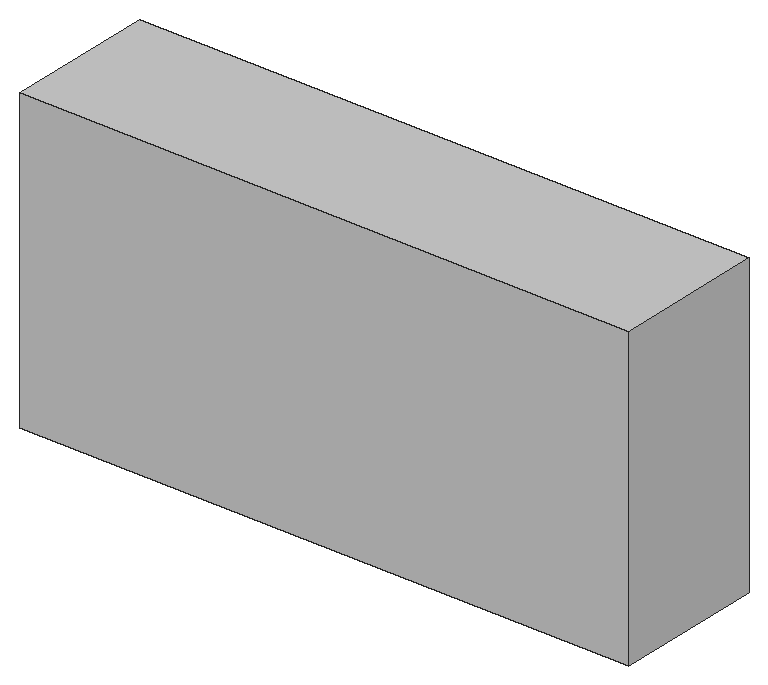
Revit family "2cf0e096dba84837a1cdf62173ec392b", category 结构框架, Revit 2024
Family settings
  显示在隐藏视图中 = 被其他构件隐藏的边缘
  结构框架长度舍入 = 1 mm
  截面形状 = 未定义
  用于模型行为的材质 = 混凝土
  始终导出为几何图形 = 否
  总是垂直 = 是
  载入时剪切的空心 = 否
  符号表示法 = 从族
  共享 = 否
  在平面视图中显示族的预剪切 = 是
Parameters (values of type "300 x 600mm")
  Structural Material [instance] = 混凝土 - 现场浇注混凝土
  Assembly Code = ""
  Length [instance] = 1524 mm
  b = 300 mm
  h = 600 mm
Types (3, lengths in mm): name | Structural Material | b | h
  (no name) | 混凝土 - 现场浇注混凝土 | 300 | 600
  400 x 800mm | none | 400 | 800
  300 x 600mm | 混凝土 - 现场浇注混凝土 | 300 | 600
Reference planes
  plane 1 "中心(前/后)": y = 0
  plane 2: z = 0
  plane 3 "中心(左/右)": x = 4.61
  plane 4 "左构件": x = -604.99
  plane 5 "右构件": x = 614.21
  plane 6: y = 150
  plane 7: y = -150
  plane 8: z = 300
  plane 9 "底": z = -300
  plane 10 "左": x = -757.39
  plane 11 "右": x = 766.61
Forms (mm)
  Sweep 1, solid, material "混凝土 - 现场浇注混凝土" <- "Structural Material"
    path origin (0, 0, 0) x (1, 0, 0) y (0, 1, 0)
      loop
        line (614.21, 0) -> (-604.99, 0)
    profile "M_矩形梁 - 轮廓 : M_矩形梁 - 轮廓" origin (4.61, 0, 0) x (0, -1, 0) y (0, 0, 1)
      loop
        line (-150, -300) -> (150, -300) -> (150, 300) -> (-150, 300) -> (-150, -300)
Dimensions and locks
  "b": plane 6 to plane 7
  equal spacing: plane 9 "底", plane 2, plane 8
  equal spacing: plane 6, plane 1 "中心(前/后)", plane 7
  "h": plane 9 "底" to plane 8
  "Length": plane 10 "左" to plane 11 "右"
  aligned and locked: Sweep 1 sketch curve to plane 1 "中心(前/后)"
  aligned and locked: plane 4 "左构件" to Sweep 1 sketch curve
  aligned and locked: plane 5 "右构件" to Sweep 1 sketch curve
